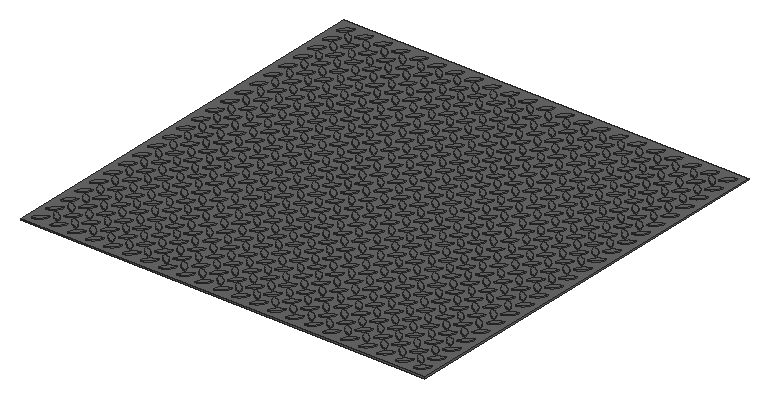
Revit family "141012021113804", category Modelos genéricos, Revit 2018 (continued)
Automatic sketch dimensions
  Blend 570 sketch curve to Blend 570 sketch curve = 0.855 mm  (x2)
  Blend 570 sketch curve to Blend 570 sketch curve = 0.00 mm  (x6)
  Blend 571 sketch curve to Blend 571 sketch curve = 23.647 mm  (x6)
  Blend 571 sketch curve to Blend 571 sketch curve = 16.459 mm  (x6)
  Blend 571 sketch curve to Blend 571 sketch curve = 0.855 mm  (x2)
  Blend 571 sketch curve to Blend 571 sketch curve = 0.00 mm  (x6)
  Blend 572 sketch curve to Blend 572 sketch curve = 23.647 mm  (x6)
  Blend 572 sketch curve to Blend 572 sketch curve = 16.459 mm  (x6)
  Blend 572 sketch curve to Blend 572 sketch curve = 0.855 mm  (x2)
  Blend 572 sketch curve to Blend 572 sketch curve = 0.00 mm  (x6)
  Blend 573 sketch curve to Blend 573 sketch curve = 23.647 mm  (x6)
  Blend 573 sketch curve to Blend 573 sketch curve = 16.459 mm  (x6)
  Blend 573 sketch curve to Blend 573 sketch curve = 0.855 mm  (x2)
  Blend 573 sketch curve to Blend 573 sketch curve = 0.00 mm  (x6)
  Blend 574 sketch curve to Blend 574 sketch curve = 23.647 mm  (x6)
  Blend 574 sketch curve to Blend 574 sketch curve = 16.459 mm  (x6)
  Blend 574 sketch curve to Blend 574 sketch curve = 0.855 mm  (x2)
  Blend 574 sketch curve to Blend 574 sketch curve = 0.00 mm  (x6)
  Blend 575 sketch curve to Blend 575 sketch curve = 23.647 mm  (x6)
  Blend 575 sketch curve to Blend 575 sketch curve = 16.459 mm  (x6)
  Blend 575 sketch curve to Blend 575 sketch curve = 0.855 mm  (x2)
  Blend 575 sketch curve to Blend 575 sketch curve = 0.00 mm  (x6)
  Blend 576 sketch curve to Blend 576 sketch curve = 23.647 mm  (x6)
  Blend 576 sketch curve to Blend 576 sketch curve = 16.459 mm  (x6)
  Blend 576 sketch curve to Blend 576 sketch curve = 0.855 mm  (x2)
  Blend 576 sketch curve to Blend 576 sketch curve = 0.00 mm  (x6)
  Blend 577 sketch curve to Blend 577 sketch curve = 23.647 mm  (x6)
  Blend 577 sketch curve to Blend 577 sketch curve = 16.459 mm  (x6)
  Blend 577 sketch curve to Blend 577 sketch curve = 0.855 mm  (x2)
  Blend 577 sketch curve to Blend 577 sketch curve = 0.00 mm  (x6)
  Blend 578 sketch curve to Blend 578 sketch curve = 23.647 mm  (x6)
  Blend 578 sketch curve to Blend 578 sketch curve = 16.459 mm  (x6)
  Blend 578 sketch curve to Blend 578 sketch curve = 0.855 mm  (x2)
  Blend 578 sketch curve to Blend 578 sketch curve = 0.00 mm  (x6)
  Blend 579 sketch curve to Blend 579 sketch curve = 23.647 mm  (x6)
  Blend 579 sketch curve to Blend 579 sketch curve = 16.459 mm  (x6)
  Blend 579 sketch curve to Blend 579 sketch curve = 0.855 mm  (x2)
  Blend 579 sketch curve to Blend 579 sketch curve = 0.00 mm  (x6)
  Blend 580 sketch curve to Blend 580 sketch curve = 23.647 mm  (x6)
  Blend 580 sketch curve to Blend 580 sketch curve = 16.459 mm  (x6)
  Blend 580 sketch curve to Blend 580 sketch curve = 0.855 mm  (x2)
  Blend 580 sketch curve to Blend 580 sketch curve = 0.00 mm  (x6)
  Blend 581 sketch curve to Blend 581 sketch curve = 23.647 mm  (x6)
  Blend 581 sketch curve to Blend 581 sketch curve = 16.459 mm  (x6)
  Blend 581 sketch curve to Blend 581 sketch curve = 0.855 mm  (x2)
  Blend 581 sketch curve to Blend 581 sketch curve = 0.00 mm  (x6)
  Blend 582 sketch curve to Blend 582 sketch curve = 23.647 mm  (x6)
  Blend 582 sketch curve to Blend 582 sketch curve = 16.459 mm  (x6)
  Blend 582 sketch curve to Blend 582 sketch curve = 0.855 mm  (x2)
  Blend 582 sketch curve to Blend 582 sketch curve = 0.00 mm  (x6)
  Blend 583 sketch curve to Blend 583 sketch curve = 23.647 mm  (x6)
  Blend 583 sketch curve to Blend 583 sketch curve = 16.459 mm  (x6)
  Blend 583 sketch curve to Blend 583 sketch curve = 0.855 mm  (x2)
  Blend 583 sketch curve to Blend 583 sketch curve = 0.00 mm  (x6)
  Blend 584 sketch curve to Blend 584 sketch curve = 23.647 mm  (x6)
  Blend 584 sketch curve to Blend 584 sketch curve = 16.459 mm  (x6)
  Blend 584 sketch curve to Blend 584 sketch curve = 0.855 mm  (x2)
  Blend 584 sketch curve to Blend 584 sketch curve = 0.00 mm  (x6)
  Blend 585 sketch curve to Blend 585 sketch curve = 23.647 mm  (x6)
  Blend 585 sketch curve to Blend 585 sketch curve = 16.459 mm  (x6)
  Blend 585 sketch curve to Blend 585 sketch curve = 0.855 mm  (x2)
  Blend 585 sketch curve to Blend 585 sketch curve = 0.00 mm  (x6)
  Blend 586 sketch curve to Blend 586 sketch curve = 23.647 mm  (x6)
  Blend 586 sketch curve to Blend 586 sketch curve = 16.459 mm  (x6)
  Blend 586 sketch curve to Blend 586 sketch curve = 0.855 mm  (x2)
  Blend 586 sketch curve to Blend 586 sketch curve = 0.00 mm  (x6)
  Blend 587 sketch curve to Blend 587 sketch curve = 23.647 mm  (x6)
  Blend 587 sketch curve to Blend 587 sketch curve = 16.459 mm  (x6)
  Blend 587 sketch curve to Blend 587 sketch curve = 0.855 mm  (x2)
  Blend 587 sketch curve to Blend 587 sketch curve = 0.00 mm  (x6)
  Blend 588 sketch curve to Blend 588 sketch curve = 23.647 mm  (x6)
  Blend 588 sketch curve to Blend 588 sketch curve = 16.459 mm  (x6)
  Blend 588 sketch curve to Blend 588 sketch curve = 0.855 mm  (x2)
  Blend 588 sketch curve to Blend 588 sketch curve = 0.00 mm  (x6)
  Blend 589 sketch curve to Blend 589 sketch curve = 23.647 mm  (x6)
  Blend 589 sketch curve to Blend 589 sketch curve = 16.459 mm  (x6)
  Blend 589 sketch curve to Blend 589 sketch curve = 0.855 mm  (x2)
  Blend 589 sketch curve to Blend 589 sketch curve = 0.00 mm  (x6)
  Blend 590 sketch curve to Blend 590 sketch curve = 23.647 mm  (x6)
  Blend 590 sketch curve to Blend 590 sketch curve = 16.459 mm  (x6)
  Blend 590 sketch curve to Blend 590 sketch curve = 0.855 mm  (x2)
  Blend 590 sketch curve to Blend 590 sketch curve = 0.00 mm  (x6)
  Blend 591 sketch curve to Blend 591 sketch curve = 23.647 mm  (x6)
  Blend 591 sketch curve to Blend 591 sketch curve = 16.459 mm  (x6)
  Blend 591 sketch curve to Blend 591 sketch curve = 0.855 mm  (x2)
  Blend 591 sketch curve to Blend 591 sketch curve = 0.00 mm  (x6)
  Blend 592 sketch curve to Blend 592 sketch curve = 23.647 mm  (x6)
  Blend 592 sketch curve to Blend 592 sketch curve = 16.459 mm  (x6)
  Blend 592 sketch curve to Blend 592 sketch curve = 0.855 mm  (x2)
  Blend 592 sketch curve to Blend 592 sketch curve = 0.00 mm  (x6)
  Blend 593 sketch curve to Blend 593 sketch curve = 23.647 mm  (x6)
  Blend 593 sketch curve to Blend 593 sketch curve = 16.459 mm  (x6)
  Blend 593 sketch curve to Blend 593 sketch curve = 0.855 mm  (x2)
  Blend 593 sketch curve to Blend 593 sketch curve = 0.00 mm  (x6)
  Blend 594 sketch curve to Blend 594 sketch curve = 23.647 mm  (x6)
  Blend 594 sketch curve to Blend 594 sketch curve = 16.459 mm  (x6)
  Blend 594 sketch curve to Blend 594 sketch curve = 0.855 mm  (x2)
  Blend 594 sketch curve to Blend 594 sketch curve = 0.00 mm  (x6)
  Blend 595 sketch curve to Blend 595 sketch curve = 23.647 mm  (x6)
  Blend 595 sketch curve to Blend 595 sketch curve = 16.459 mm  (x6)
  Blend 595 sketch curve to Blend 595 sketch curve = 0.855 mm  (x2)
  Blend 595 sketch curve to Blend 595 sketch curve = 0.00 mm  (x6)
  Blend 596 sketch curve to Blend 596 sketch curve = 23.647 mm  (x6)
  Blend 596 sketch curve to Blend 596 sketch curve = 16.459 mm  (x6)
  Blend 596 sketch curve to Blend 596 sketch curve = 0.855 mm  (x2)
  Blend 596 sketch curve to Blend 596 sketch curve = 0.00 mm  (x6)
  Blend 597 sketch curve to Blend 597 sketch curve = 23.647 mm  (x6)
  Blend 597 sketch curve to Blend 597 sketch curve = 16.459 mm  (x6)
  Blend 597 sketch curve to Blend 597 sketch curve = 0.855 mm  (x2)
  Blend 597 sketch curve to Blend 597 sketch curve = 0.00 mm  (x6)
  Blend 598 sketch curve to Blend 598 sketch curve = 23.647 mm  (x6)
  Blend 598 sketch curve to Blend 598 sketch curve = 16.459 mm  (x6)
  Blend 598 sketch curve to Blend 598 sketch curve = 0.855 mm  (x2)
  Blend 598 sketch curve to Blend 598 sketch curve = 0.00 mm  (x6)
  Blend 599 sketch curve to Blend 599 sketch curve = 23.647 mm  (x6)
  Blend 599 sketch curve to Blend 599 sketch curve = 16.459 mm  (x6)
  Blend 599 sketch curve to Blend 599 sketch curve = 0.855 mm  (x2)
  Blend 599 sketch curve to Blend 599 sketch curve = 0.00 mm  (x6)
  Blend 600 sketch curve to Blend 600 sketch curve = 23.647 mm  (x6)
  Blend 600 sketch curve to Blend 600 sketch curve = 16.459 mm  (x6)
  Blend 600 sketch curve to Blend 600 sketch curve = 0.855 mm  (x2)
  Blend 600 sketch curve to Blend 600 sketch curve = 0.00 mm  (x6)
  Blend 601 sketch curve to Blend 601 sketch curve = 23.647 mm  (x6)
  Blend 601 sketch curve to Blend 601 sketch curve = 16.459 mm  (x6)
  Blend 601 sketch curve to Blend 601 sketch curve = 0.855 mm  (x2)
  Blend 601 sketch curve to Blend 601 sketch curve = 0.00 mm  (x6)
  Blend 602 sketch curve to Blend 602 sketch curve = 23.647 mm  (x6)
  Blend 602 sketch curve to Blend 602 sketch curve = 16.459 mm  (x6)
  Blend 602 sketch curve to Blend 602 sketch curve = 0.855 mm  (x2)
  Blend 602 sketch curve to Blend 602 sketch curve = 0.00 mm  (x6)
  Blend 603 sketch curve to Blend 603 sketch curve = 23.647 mm  (x6)
  Blend 603 sketch curve to Blend 603 sketch curve = 16.459 mm  (x6)
  Blend 603 sketch curve to Blend 603 sketch curve = 0.855 mm  (x2)
  Blend 603 sketch curve to Blend 603 sketch curve = 0.00 mm  (x6)
  Blend 604 sketch curve to Blend 604 sketch curve = 23.647 mm  (x6)
  Blend 604 sketch curve to Blend 604 sketch curve = 16.459 mm  (x6)
  Blend 604 sketch curve to Blend 604 sketch curve = 0.855 mm  (x2)
  Blend 604 sketch curve to Blend 604 sketch curve = 0.00 mm  (x6)
  Blend 605 sketch curve to Blend 605 sketch curve = 23.647 mm  (x6)
  Blend 605 sketch curve to Blend 605 sketch curve = 16.459 mm  (x6)
  Blend 605 sketch curve to Blend 605 sketch curve = 0.855 mm  (x2)
  Blend 605 sketch curve to Blend 605 sketch curve = 0.00 mm  (x6)
  Blend 606 sketch curve to Blend 606 sketch curve = 23.647 mm  (x6)
  Blend 606 sketch curve to Blend 606 sketch curve = 16.459 mm  (x6)
  Blend 606 sketch curve to Blend 606 sketch curve = 0.855 mm  (x2)
  Blend 606 sketch curve to Blend 606 sketch curve = 0.00 mm  (x6)
  Blend 607 sketch curve to Blend 607 sketch curve = 23.647 mm  (x6)
  Blend 607 sketch curve to Blend 607 sketch curve = 16.459 mm  (x6)
  Blend 607 sketch curve to Blend 607 sketch curve = 0.855 mm  (x2)
  Blend 607 sketch curve to Blend 607 sketch curve = 0.00 mm  (x6)
  Blend 608 sketch curve to Blend 608 sketch curve = 23.647 mm  (x6)
  Blend 608 sketch curve to Blend 608 sketch curve = 16.459 mm  (x6)
  Blend 608 sketch curve to Blend 608 sketch curve = 0.855 mm  (x2)
  Blend 608 sketch curve to Blend 608 sketch curve = 0.00 mm  (x6)
  Blend 609 sketch curve to Blend 609 sketch curve = 23.647 mm  (x6)
  Blend 609 sketch curve to Blend 609 sketch curve = 16.459 mm  (x6)
  Blend 609 sketch curve to Blend 609 sketch curve = 0.855 mm  (x2)
  Blend 609 sketch curve to Blend 609 sketch curve = 0.00 mm  (x6)
  Blend 610 sketch curve to Blend 610 sketch curve = 23.647 mm  (x6)
  Blend 610 sketch curve to Blend 610 sketch curve = 16.459 mm  (x6)
  Blend 610 sketch curve to Blend 610 sketch curve = 0.855 mm  (x2)
  Blend 610 sketch curve to Blend 610 sketch curve = 0.00 mm  (x6)
  Blend 611 sketch curve to Blend 611 sketch curve = 23.647 mm  (x6)
  Blend 611 sketch curve to Blend 611 sketch curve = 16.459 mm  (x6)
  Blend 611 sketch curve to Blend 611 sketch curve = 0.855 mm  (x2)
  Blend 611 sketch curve to Blend 611 sketch curve = 0.00 mm  (x6)
  Blend 612 sketch curve to Blend 612 sketch curve = 23.647 mm  (x6)
  Blend 612 sketch curve to Blend 612 sketch curve = 16.459 mm  (x6)
  Blend 612 sketch curve to Blend 612 sketch curve = 0.855 mm  (x2)
  Blend 612 sketch curve to Blend 612 sketch curve = 0.00 mm  (x6)
  Blend 613 sketch curve to Blend 613 sketch curve = 23.647 mm  (x6)
  Blend 613 sketch curve to Blend 613 sketch curve = 16.459 mm  (x6)
  Blend 613 sketch curve to Blend 613 sketch curve = 0.855 mm  (x2)
  Blend 613 sketch curve to Blend 613 sketch curve = 0.00 mm  (x6)
  Blend 614 sketch curve to Blend 614 sketch curve = 23.647 mm  (x6)
  Blend 614 sketch curve to Blend 614 sketch curve = 16.459 mm  (x6)
  Blend 614 sketch curve to Blend 614 sketch curve = 0.855 mm  (x2)
  Blend 614 sketch curve to Blend 614 sketch curve = 0.00 mm  (x6)
  Blend 615 sketch curve to Blend 615 sketch curve = 23.647 mm  (x6)
  Blend 615 sketch curve to Blend 615 sketch curve = 16.459 mm  (x6)
  Blend 615 sketch curve to Blend 615 sketch curve = 0.855 mm  (x2)
  Blend 615 sketch curve to Blend 615 sketch curve = 0.00 mm  (x6)
  Blend 616 sketch curve to Blend 616 sketch curve = 23.647 mm  (x6)
  Blend 616 sketch curve to Blend 616 sketch curve = 16.459 mm  (x6)
  Blend 616 sketch curve to Blend 616 sketch curve = 0.855 mm  (x2)
  Blend 616 sketch curve to Blend 616 sketch curve = 0.00 mm  (x6)
  Blend 617 sketch curve to Blend 617 sketch curve = 23.647 mm  (x6)
  Blend 617 sketch curve to Blend 617 sketch curve = 16.459 mm  (x6)
  Blend 617 sketch curve to Blend 617 sketch curve = 0.855 mm  (x2)
  Blend 617 sketch curve to Blend 617 sketch curve = 0.00 mm  (x6)
  Blend 618 sketch curve to Blend 618 sketch curve = 23.647 mm  (x6)
  Blend 618 sketch curve to Blend 618 sketch curve = 16.459 mm  (x6)
  Blend 618 sketch curve to Blend 618 sketch curve = 0.855 mm  (x2)
  Blend 618 sketch curve to Blend 618 sketch curve = 0.00 mm  (x6)
  Blend 619 sketch curve to Blend 619 sketch curve = 23.647 mm  (x6)
  Blend 619 sketch curve to Blend 619 sketch curve = 16.459 mm  (x6)
  Blend 619 sketch curve to Blend 619 sketch curve = 0.855 mm  (x2)
  Blend 619 sketch curve to Blend 619 sketch curve = 0.00 mm  (x6)
  Blend 620 sketch curve to Blend 620 sketch curve = 23.647 mm  (x6)
  Blend 620 sketch curve to Blend 620 sketch curve = 16.459 mm  (x6)
  Blend 620 sketch curve to Blend 620 sketch curve = 0.855 mm  (x2)
  Blend 620 sketch curve to Blend 620 sketch curve = 0.00 mm  (x6)
  Blend 621 sketch curve to Blend 621 sketch curve = 23.647 mm  (x6)
  Blend 621 sketch curve to Blend 621 sketch curve = 16.459 mm  (x6)
  Blend 621 sketch curve to Blend 621 sketch curve = 0.855 mm  (x2)
  Blend 621 sketch curve to Blend 621 sketch curve = 0.00 mm  (x6)
  Blend 622 sketch curve to Blend 622 sketch curve = 23.647 mm  (x6)
  Blend 622 sketch curve to Blend 622 sketch curve = 16.459 mm  (x6)
  Blend 622 sketch curve to Blend 622 sketch curve = 0.855 mm  (x2)
  Blend 622 sketch curve to Blend 622 sketch curve = 0.00 mm  (x6)
  Blend 623 sketch curve to Blend 623 sketch curve = 23.647 mm  (x6)
  Blend 623 sketch curve to Blend 623 sketch curve = 16.459 mm  (x6)
  Blend 623 sketch curve to Blend 623 sketch curve = 0.855 mm  (x2)
  Blend 623 sketch curve to Blend 623 sketch curve = 0.00 mm  (x6)
  Blend 624 sketch curve to Blend 624 sketch curve = 23.647 mm  (x6)
  Blend 624 sketch curve to Blend 624 sketch curve = 16.459 mm  (x6)
  Blend 624 sketch curve to Blend 624 sketch curve = 0.855 mm  (x2)
  Blend 624 sketch curve to Blend 624 sketch curve = 0.00 mm  (x6)
  Blend 625 sketch curve to Blend 625 sketch curve = 23.647 mm  (x6)
  Blend 625 sketch curve to Blend 625 sketch curve = 16.459 mm  (x6)
  Blend 625 sketch curve to Blend 625 sketch curve = 0.855 mm  (x2)
  Blend 625 sketch curve to Blend 625 sketch curve = 0.00 mm  (x6)
  Blend 626 sketch curve to Blend 626 sketch curve = 23.647 mm  (x6)
  Blend 626 sketch curve to Blend 626 sketch curve = 16.459 mm  (x6)
  Blend 626 sketch curve to Blend 626 sketch curve = 0.855 mm  (x2)
  Blend 626 sketch curve to Blend 626 sketch curve = 0.00 mm  (x6)
  Blend 627 sketch curve to Blend 627 sketch curve = 23.647 mm  (x6)
  Blend 627 sketch curve to Blend 627 sketch curve = 16.459 mm  (x6)
  Blend 627 sketch curve to Blend 627 sketch curve = 0.855 mm  (x2)
  Blend 627 sketch curve to Blend 627 sketch curve = 0.00 mm  (x6)
  Blend 628 sketch curve to Blend 628 sketch curve = 23.647 mm  (x6)
  Blend 628 sketch curve to Blend 628 sketch curve = 16.459 mm  (x6)
  Blend 628 sketch curve to Blend 628 sketch curve = 0.855 mm  (x2)
  Blend 628 sketch curve to Blend 628 sketch curve = 0.00 mm  (x6)
  Blend 629 sketch curve to Blend 629 sketch curve = 23.647 mm  (x6)
  Blend 629 sketch curve to Blend 629 sketch curve = 16.459 mm  (x6)
  Blend 629 sketch curve to Blend 629 sketch curve = 0.855 mm  (x2)
  Blend 629 sketch curve to Blend 629 sketch curve = 0.00 mm  (x6)
  Blend 630 sketch curve to Blend 630 sketch curve = 23.647 mm  (x6)
  Blend 630 sketch curve to Blend 630 sketch curve = 16.459 mm  (x6)
  Blend 630 sketch curve to Blend 630 sketch curve = 0.855 mm  (x2)
  Blend 630 sketch curve to Blend 630 sketch curve = 0.00 mm  (x6)
  Blend 631 sketch curve to Blend 631 sketch curve = 23.647 mm  (x6)
  Blend 631 sketch curve to Blend 631 sketch curve = 16.459 mm  (x6)
  Blend 631 sketch curve to Blend 631 sketch curve = 0.855 mm  (x2)
  Blend 631 sketch curve to Blend 631 sketch curve = 0.00 mm  (x6)
  Blend 632 sketch curve to Blend 632 sketch curve = 23.647 mm  (x6)
  Blend 632 sketch curve to Blend 632 sketch curve = 16.459 mm  (x6)
  Blend 632 sketch curve to Blend 632 sketch curve = 0.855 mm  (x2)
  Blend 632 sketch curve to Blend 632 sketch curve = 0.00 mm  (x6)
  Blend 633 sketch curve to Blend 633 sketch curve = 23.647 mm  (x6)
  Blend 633 sketch curve to Blend 633 sketch curve = 16.459 mm  (x6)
  Blend 633 sketch curve to Blend 633 sketch curve = 0.855 mm  (x2)
  Blend 633 sketch curve to Blend 633 sketch curve = 0.00 mm  (x6)
  Blend 634 sketch curve to Blend 634 sketch curve = 23.647 mm  (x6)
  Blend 634 sketch curve to Blend 634 sketch curve = 16.459 mm  (x6)
  Blend 634 sketch curve to Blend 634 sketch curve = 0.855 mm  (x2)
  Blend 634 sketch curve to Blend 634 sketch curve = 0.00 mm  (x6)
  Blend 635 sketch curve to Blend 635 sketch curve = 23.647 mm  (x6)
  Blend 635 sketch curve to Blend 635 sketch curve = 16.459 mm  (x6)
  Blend 635 sketch curve to Blend 635 sketch curve = 0.855 mm  (x2)
  Blend 635 sketch curve to Blend 635 sketch curve = 0.00 mm  (x6)
  Blend 636 sketch curve to Blend 636 sketch curve = 23.647 mm  (x6)
  Blend 636 sketch curve to Blend 636 sketch curve = 16.459 mm  (x6)
  Blend 636 sketch curve to Blend 636 sketch curve = 0.855 mm  (x2)
  Blend 636 sketch curve to Blend 636 sketch curve = 0.00 mm  (x6)
  Blend 637 sketch curve to Blend 637 sketch curve = 23.647 mm  (x6)
  Blend 637 sketch curve to Blend 637 sketch curve = 16.459 mm  (x6)
  Blend 637 sketch curve to Blend 637 sketch curve = 0.855 mm  (x2)
  Blend 637 sketch curve to Blend 637 sketch curve = 0.00 mm  (x6)
  Blend 638 sketch curve to Blend 638 sketch curve = 23.647 mm  (x6)
  Blend 638 sketch curve to Blend 638 sketch curve = 16.459 mm  (x6)
  Blend 638 sketch curve to Blend 638 sketch curve = 0.855 mm  (x2)
  Blend 638 sketch curve to Blend 638 sketch curve = 0.00 mm  (x6)
  Blend 639 sketch curve to Blend 639 sketch curve = 23.647 mm  (x6)
  Blend 639 sketch curve to Blend 639 sketch curve = 16.459 mm  (x6)
  Blend 639 sketch curve to Blend 639 sketch curve = 0.855 mm  (x2)
  Blend 639 sketch curve to Blend 639 sketch curve = 0.00 mm  (x6)
  Blend 640 sketch curve to Blend 640 sketch curve = 23.647 mm  (x6)
  Blend 640 sketch curve to Blend 640 sketch curve = 16.459 mm  (x6)
  Blend 640 sketch curve to Blend 640 sketch curve = 0.855 mm  (x2)
  Blend 640 sketch curve to Blend 640 sketch curve = 0.00 mm  (x6)
  Blend 641 sketch curve to Blend 641 sketch curve = 23.647 mm  (x6)
  Blend 641 sketch curve to Blend 641 sketch curve = 16.459 mm  (x6)
  Blend 641 sketch curve to Blend 641 sketch curve = 0.855 mm  (x2)
  Blend 641 sketch curve to Blend 641 sketch curve = 0.00 mm  (x6)
  Blend 642 sketch curve to Blend 642 sketch curve = 23.647 mm  (x6)
  Blend 642 sketch curve to Blend 642 sketch curve = 16.459 mm  (x6)
  Blend 642 sketch curve to Blend 642 sketch curve = 0.855 mm  (x2)
  Blend 642 sketch curve to Blend 642 sketch curve = 0.00 mm  (x6)
  Blend 643 sketch curve to Blend 643 sketch curve = 23.647 mm  (x6)
  Blend 643 sketch curve to Blend 643 sketch curve = 16.459 mm  (x6)
  Blend 643 sketch curve to Blend 643 sketch curve = 0.855 mm  (x2)
  Blend 643 sketch curve to Blend 643 sketch curve = 0.00 mm  (x6)
  Blend 644 sketch curve to Blend 644 sketch curve = 23.647 mm  (x6)
  Blend 644 sketch curve to Blend 644 sketch curve = 16.459 mm  (x6)
  Blend 644 sketch curve to Blend 644 sketch curve = 0.855 mm  (x2)
  Blend 644 sketch curve to Blend 644 sketch curve = 0.00 mm  (x6)
  Blend 645 sketch curve to Blend 645 sketch curve = 23.647 mm  (x6)
  Blend 645 sketch curve to Blend 645 sketch curve = 16.459 mm  (x6)
  Blend 645 sketch curve to Blend 645 sketch curve = 0.855 mm  (x2)
  Blend 645 sketch curve to Blend 645 sketch curve = 0.00 mm  (x6)
  Blend 646 sketch curve to Blend 646 sketch curve = 23.647 mm  (x6)
  Blend 646 sketch curve to Blend 646 sketch curve = 16.459 mm  (x6)
  Blend 646 sketch curve to Blend 646 sketch curve = 0.855 mm  (x2)
  Blend 646 sketch curve to Blend 646 sketch curve = 0.00 mm  (x6)
  Blend 647 sketch curve to Blend 647 sketch curve = 23.647 mm  (x6)
  Blend 647 sketch curve to Blend 647 sketch curve = 16.459 mm  (x6)
  Blend 647 sketch curve to Blend 647 sketch curve = 0.855 mm  (x2)
  Blend 647 sketch curve to Blend 647 sketch curve = 0.00 mm  (x6)
  Blend 648 sketch curve to Blend 648 sketch curve = 23.647 mm  (x6)
  Blend 648 sketch curve to Blend 648 sketch curve = 16.459 mm  (x6)
  Blend 648 sketch curve to Blend 648 sketch curve = 0.855 mm  (x2)
  Blend 648 sketch curve to Blend 648 sketch curve = 0.00 mm  (x6)
  Blend 649 sketch curve to Blend 649 sketch curve = 23.647 mm  (x6)
  Blend 649 sketch curve to Blend 649 sketch curve = 16.459 mm  (x6)
  Blend 649 sketch curve to Blend 649 sketch curve = 0.855 mm  (x2)
  Blend 649 sketch curve to Blend 649 sketch curve = 0.00 mm  (x6)
  Blend 650 sketch curve to Blend 650 sketch curve = 23.647 mm  (x6)
  Blend 650 sketch curve to Blend 650 sketch curve = 16.459 mm  (x6)
  Blend 650 sketch curve to Blend 650 sketch curve = 0.855 mm  (x2)
  Blend 650 sketch curve to Blend 650 sketch curve = 0.00 mm  (x6)
  Blend 651 sketch curve to Blend 651 sketch curve = 23.647 mm  (x6)
  Blend 651 sketch curve to Blend 651 sketch curve = 16.459 mm  (x6)
  Blend 651 sketch curve to Blend 651 sketch curve = 0.855 mm  (x2)
  Blend 651 sketch curve to Blend 651 sketch curve = 0.00 mm  (x6)
  Blend 652 sketch curve to Blend 652 sketch curve = 23.647 mm  (x6)
  Blend 652 sketch curve to Blend 652 sketch curve = 16.459 mm  (x6)
  Blend 652 sketch curve to Blend 652 sketch curve = 0.855 mm  (x2)
  Blend 652 sketch curve to Blend 652 sketch curve = 0.00 mm  (x6)
  Blend 653 sketch curve to Blend 653 sketch curve = 23.647 mm  (x6)
  Blend 653 sketch curve to Blend 653 sketch curve = 16.459 mm  (x6)
  Blend 653 sketch curve to Blend 653 sketch curve = 0.855 mm  (x2)
  Blend 653 sketch curve to Blend 653 sketch curve = 0.00 mm  (x6)
  Blend 654 sketch curve to Blend 654 sketch curve = 23.647 mm  (x6)
  Blend 654 sketch curve to Blend 654 sketch curve = 16.459 mm  (x6)
  Blend 654 sketch curve to Blend 654 sketch curve = 0.855 mm  (x2)
  Blend 654 sketch curve to Blend 654 sketch curve = 0.00 mm  (x6)
  Blend 655 sketch curve to Blend 655 sketch curve = 23.647 mm  (x6)
  Blend 655 sketch curve to Blend 655 sketch curve = 16.459 mm  (x6)
  Blend 655 sketch curve to Blend 655 sketch curve = 0.855 mm  (x2)
  Blend 655 sketch curve to Blend 655 sketch curve = 0.00 mm  (x6)
  Blend 656 sketch curve to Blend 656 sketch curve = 23.647 mm  (x6)
  Blend 656 sketch curve to Blend 656 sketch curve = 16.459 mm  (x6)
  Blend 656 sketch curve to Blend 656 sketch curve = 0.855 mm  (x2)
  Blend 656 sketch curve to Blend 656 sketch curve = 0.00 mm  (x6)
  Blend 657 sketch curve to Blend 657 sketch curve = 23.647 mm  (x6)
  Blend 657 sketch curve to Blend 657 sketch curve = 16.459 mm  (x6)
  Blend 657 sketch curve to Blend 657 sketch curve = 0.855 mm  (x2)
  Blend 657 sketch curve to Blend 657 sketch curve = 0.00 mm  (x6)
  Blend 658 sketch curve to Blend 658 sketch curve = 23.647 mm  (x6)
  Blend 658 sketch curve to Blend 658 sketch curve = 16.459 mm  (x6)
  Blend 658 sketch curve to Blend 658 sketch curve = 0.855 mm  (x2)
  Blend 658 sketch curve to Blend 658 sketch curve = 0.00 mm  (x6)
  Blend 659 sketch curve to Blend 659 sketch curve = 23.647 mm  (x6)
  Blend 659 sketch curve to Blend 659 sketch curve = 16.459 mm  (x6)
  Blend 659 sketch curve to Blend 659 sketch curve = 0.855 mm  (x2)
  Blend 659 sketch curve to Blend 659 sketch curve = 0.00 mm  (x6)
  Blend 660 sketch curve to Blend 660 sketch curve = 23.647 mm  (x6)
  Blend 660 sketch curve to Blend 660 sketch curve = 16.459 mm  (x6)
  Blend 660 sketch curve to Blend 660 sketch curve = 0.855 mm  (x2)
  Blend 660 sketch curve to Blend 660 sketch curve = 0.00 mm  (x6)
  Blend 661 sketch curve to Blend 661 sketch curve = 23.647 mm  (x6)
  Blend 661 sketch curve to Blend 661 sketch curve = 16.459 mm  (x6)
  Blend 661 sketch curve to Blend 661 sketch curve = 0.855 mm  (x2)
  Blend 661 sketch curve to Blend 661 sketch curve = 0.00 mm  (x6)
  Blend 662 sketch curve to Blend 662 sketch curve = 23.647 mm  (x6)
  Blend 662 sketch curve to Blend 662 sketch curve = 16.459 mm  (x6)
  Blend 662 sketch curve to Blend 662 sketch curve = 0.855 mm  (x2)
  Blend 662 sketch curve to Blend 662 sketch curve = 0.00 mm  (x6)
  Blend 663 sketch curve to Blend 663 sketch curve = 23.647 mm  (x6)
  Blend 663 sketch curve to Blend 663 sketch curve = 16.459 mm  (x6)
  Blend 663 sketch curve to Blend 663 sketch curve = 0.855 mm  (x2)
  Blend 663 sketch curve to Blend 663 sketch curve = 0.00 mm  (x6)
  Blend 664 sketch curve to Blend 664 sketch curve = 23.647 mm  (x6)
  Blend 664 sketch curve to Blend 664 sketch curve = 16.459 mm  (x6)
  Blend 664 sketch curve to Blend 664 sketch curve = 0.855 mm  (x2)
  Blend 664 sketch curve to Blend 664 sketch curve = 0.00 mm  (x6)
  Blend 665 sketch curve to Blend 665 sketch curve = 23.647 mm  (x6)
  Blend 665 sketch curve to Blend 665 sketch curve = 16.459 mm  (x6)
  Blend 665 sketch curve to Blend 665 sketch curve = 0.855 mm  (x2)
  Blend 665 sketch curve to Blend 665 sketch curve = 0.00 mm  (x6)
  Blend 666 sketch curve to Blend 666 sketch curve = 23.647 mm  (x6)
  Blend 666 sketch curve to Blend 666 sketch curve = 16.459 mm  (x6)
  Blend 666 sketch curve to Blend 666 sketch curve = 0.855 mm  (x2)
  Blend 666 sketch curve to Blend 666 sketch curve = 0.00 mm  (x6)
  Blend 667 sketch curve to Blend 667 sketch curve = 23.647 mm  (x6)
  Blend 667 sketch curve to Blend 667 sketch curve = 16.459 mm  (x6)
  Blend 667 sketch curve to Blend 667 sketch curve = 0.855 mm  (x2)
  Blend 667 sketch curve to Blend 667 sketch curve = 0.00 mm  (x6)
  Blend 668 sketch curve to Blend 668 sketch curve = 23.647 mm  (x6)
  Blend 668 sketch curve to Blend 668 sketch curve = 16.459 mm  (x6)
  Blend 668 sketch curve to Blend 668 sketch curve = 0.855 mm  (x2)
  Blend 668 sketch curve to Blend 668 sketch curve = 0.00 mm  (x6)
  Blend 669 sketch curve to Blend 669 sketch curve = 23.647 mm  (x6)
  Blend 669 sketch curve to Blend 669 sketch curve = 16.459 mm  (x6)
  Blend 669 sketch curve to Blend 669 sketch curve = 0.855 mm  (x2)
  Blend 669 sketch curve to Blend 669 sketch curve = 0.00 mm  (x6)
  Blend 670 sketch curve to Blend 670 sketch curve = 23.647 mm  (x6)
  Blend 670 sketch curve to Blend 670 sketch curve = 16.459 mm  (x6)
  Blend 670 sketch curve to Blend 670 sketch curve = 0.855 mm  (x2)
  Blend 670 sketch curve to Blend 670 sketch curve = 0.00 mm  (x6)
  Blend 671 sketch curve to Blend 671 sketch curve = 23.647 mm  (x6)
  Blend 671 sketch curve to Blend 671 sketch curve = 16.459 mm  (x6)
  Blend 671 sketch curve to Blend 671 sketch curve = 0.855 mm  (x2)
  Blend 671 sketch curve to Blend 671 sketch curve = 0.00 mm  (x6)
  Blend 672 sketch curve to Blend 672 sketch curve = 23.647 mm  (x6)
  Blend 672 sketch curve to Blend 672 sketch curve = 16.459 mm  (x6)
  Blend 672 sketch curve to Blend 672 sketch curve = 0.855 mm  (x2)
  Blend 672 sketch curve to Blend 672 sketch curve = 0.00 mm  (x6)
  Blend 673 sketch curve to Blend 673 sketch curve = 23.647 mm  (x6)
  Blend 673 sketch curve to Blend 673 sketch curve = 16.459 mm  (x6)
  Blend 673 sketch curve to Blend 673 sketch curve = 0.855 mm  (x2)
  Blend 673 sketch curve to Blend 673 sketch curve = 0.00 mm  (x6)
  Blend 674 sketch curve to Blend 674 sketch curve = 23.647 mm  (x6)
  Blend 674 sketch curve to Blend 674 sketch curve = 16.459 mm  (x6)
  Blend 674 sketch curve to Blend 674 sketch curve = 0.855 mm  (x2)
  Blend 674 sketch curve to Blend 674 sketch curve = 0.00 mm  (x6)
  Blend 675 sketch curve to Blend 675 sketch curve = 23.647 mm  (x6)
  Blend 675 sketch curve to Blend 675 sketch curve = 16.459 mm  (x6)
  Blend 675 sketch curve to Blend 675 sketch curve = 0.855 mm  (x2)
  Blend 675 sketch curve to Blend 675 sketch curve = 0.00 mm  (x6)
  Blend 676 sketch curve to Blend 676 sketch curve = 23.647 mm  (x6)
  Blend 676 sketch curve to Blend 676 sketch curve = 16.459 mm  (x6)
  Blend 676 sketch curve to Blend 676 sketch curve = 0.855 mm  (x2)
  Blend 676 sketch curve to Blend 676 sketch curve = 0.00 mm  (x6)
  Blend 677 sketch curve to Blend 677 sketch curve = 23.647 mm  (x6)
  Blend 677 sketch curve to Blend 677 sketch curve = 16.459 mm  (x6)
  Blend 677 sketch curve to Blend 677 sketch curve = 0.855 mm  (x2)
  Blend 677 sketch curve to Blend 677 sketch curve = 0.00 mm  (x6)
  Blend 678 sketch curve to Blend 678 sketch curve = 23.647 mm  (x6)
  Blend 678 sketch curve to Blend 678 sketch curve = 16.459 mm  (x6)
  Blend 678 sketch curve to Blend 678 sketch curve = 0.855 mm  (x2)
  Blend 678 sketch curve to Blend 678 sketch curve = 0.00 mm  (x6)
  Blend 679 sketch curve to Blend 679 sketch curve = 23.647 mm  (x6)
  Blend 679 sketch curve to Blend 679 sketch curve = 16.459 mm  (x6)
  Blend 679 sketch curve to Blend 679 sketch curve = 0.855 mm  (x2)
  Blend 679 sketch curve to Blend 679 sketch curve = 0.00 mm  (x6)
  Blend 680 sketch curve to Blend 680 sketch curve = 23.647 mm  (x6)
  Blend 680 sketch curve to Blend 680 sketch curve = 16.459 mm  (x6)
  Blend 680 sketch curve to Blend 680 sketch curve = 0.855 mm  (x2)
  Blend 680 sketch curve to Blend 680 sketch curve = 0.00 mm  (x6)
  Blend 681 sketch curve to Blend 681 sketch curve = 23.647 mm  (x6)
  Blend 681 sketch curve to Blend 681 sketch curve = 16.459 mm  (x6)
  Blend 681 sketch curve to Blend 681 sketch curve = 0.855 mm  (x2)
  Blend 681 sketch curve to Blend 681 sketch curve = 0.00 mm  (x6)
  Blend 682 sketch curve to Blend 682 sketch curve = 23.647 mm  (x6)
  Blend 682 sketch curve to Blend 682 sketch curve = 16.459 mm  (x6)
  Blend 682 sketch curve to Blend 682 sketch curve = 0.855 mm  (x2)
  Blend 682 sketch curve to Blend 682 sketch curve = 0.00 mm  (x6)
  Blend 683 sketch curve to Blend 683 sketch curve = 23.647 mm  (x6)
  Blend 683 sketch curve to Blend 683 sketch curve = 16.459 mm  (x6)
  Blend 683 sketch curve to Blend 683 sketch curve = 0.855 mm  (x2)
  Blend 683 sketch curve to Blend 683 sketch curve = 0.00 mm  (x6)
  Blend 684 sketch curve to Blend 684 sketch curve = 23.647 mm  (x6)
  Blend 684 sketch curve to Blend 684 sketch curve = 16.459 mm  (x6)
  Blend 684 sketch curve to Blend 684 sketch curve = 0.855 mm  (x2)
  Blend 684 sketch curve to Blend 684 sketch curve = 0.00 mm  (x6)
  Blend 685 sketch curve to Blend 685 sketch curve = 23.647 mm  (x6)
  Blend 685 sketch curve to Blend 685 sketch curve = 16.459 mm  (x6)
  Blend 685 sketch curve to Blend 685 sketch curve = 0.855 mm  (x2)
  Blend 685 sketch curve to Blend 685 sketch curve = 0.00 mm  (x6)
  Blend 686 sketch curve to Blend 686 sketch curve = 23.647 mm  (x6)
  Blend 686 sketch curve to Blend 686 sketch curve = 16.459 mm  (x6)
  Blend 686 sketch curve to Blend 686 sketch curve = 0.855 mm  (x2)
  Blend 686 sketch curve to Blend 686 sketch curve = 0.00 mm  (x6)
  Blend 687 sketch curve to Blend 687 sketch curve = 23.647 mm  (x6)
  Blend 687 sketch curve to Blend 687 sketch curve = 16.459 mm  (x6)
  Blend 687 sketch curve to Blend 687 sketch curve = 0.855 mm  (x2)
  Blend 687 sketch curve to Blend 687 sketch curve = 0.00 mm  (x6)
  Blend 688 sketch curve to Blend 688 sketch curve = 23.647 mm  (x6)
  Blend 688 sketch curve to Blend 688 sketch curve = 16.459 mm  (x6)
  Blend 688 sketch curve to Blend 688 sketch curve = 0.855 mm  (x2)
  Blend 688 sketch curve to Blend 688 sketch curve = 0.00 mm  (x6)
  Blend 689 sketch curve to Blend 689 sketch curve = 23.647 mm  (x6)
  Blend 689 sketch curve to Blend 689 sketch curve = 16.459 mm  (x6)
  Blend 689 sketch curve to Blend 689 sketch curve = 0.855 mm  (x2)
  Blend 689 sketch curve to Blend 689 sketch curve = 0.00 mm  (x6)
  Blend 690 sketch curve to Blend 690 sketch curve = 23.647 mm  (x6)
  Blend 690 sketch curve to Blend 690 sketch curve = 16.459 mm  (x6)
  Blend 690 sketch curve to Blend 690 sketch curve = 0.855 mm  (x2)
  Blend 690 sketch curve to Blend 690 sketch curve = 0.00 mm  (x6)
  Blend 691 sketch curve to Blend 691 sketch curve = 23.647 mm  (x6)
  Blend 691 sketch curve to Blend 691 sketch curve = 16.459 mm  (x6)
  Blend 691 sketch curve to Blend 691 sketch curve = 0.855 mm  (x2)
  Blend 691 sketch curve to Blend 691 sketch curve = 0.00 mm  (x6)
  Blend 692 sketch curve to Blend 692 sketch curve = 23.647 mm  (x6)
  Blend 692 sketch curve to Blend 692 sketch curve = 16.459 mm  (x6)
  Blend 692 sketch curve to Blend 692 sketch curve = 0.855 mm  (x2)
  Blend 692 sketch curve to Blend 692 sketch curve = 0.00 mm  (x6)
  Blend 693 sketch curve to Blend 693 sketch curve = 23.647 mm  (x6)
  Blend 693 sketch curve to Blend 693 sketch curve = 16.459 mm  (x6)
  Blend 693 sketch curve to Blend 693 sketch curve = 0.855 mm  (x2)
  Blend 693 sketch curve to Blend 693 sketch curve = 0.00 mm  (x6)
  Blend 694 sketch curve to Blend 694 sketch curve = 23.647 mm  (x6)
  Blend 694 sketch curve to Blend 694 sketch curve = 16.459 mm  (x6)
  Blend 694 sketch curve to Blend 694 sketch curve = 0.855 mm  (x2)
  Blend 694 sketch curve to Blend 694 sketch curve = 0.00 mm  (x6)
  Blend 695 sketch curve to Blend 695 sketch curve = 23.647 mm  (x6)
  Blend 695 sketch curve to Blend 695 sketch curve = 16.459 mm  (x6)
  Blend 695 sketch curve to Blend 695 sketch curve = 0.855 mm  (x2)
  Blend 695 sketch curve to Blend 695 sketch curve = 0.00 mm  (x6)
  Blend 696 sketch curve to Blend 696 sketch curve = 23.647 mm  (x6)
  Blend 696 sketch curve to Blend 696 sketch curve = 16.459 mm  (x6)
  Blend 696 sketch curve to Blend 696 sketch curve = 0.855 mm  (x2)
  Blend 696 sketch curve to Blend 696 sketch curve = 0.00 mm  (x6)
  Blend 697 sketch curve to Blend 697 sketch curve = 23.647 mm  (x6)
  Blend 697 sketch curve to Blend 697 sketch curve = 16.459 mm  (x6)
  Blend 697 sketch curve to Blend 697 sketch curve = 0.855 mm  (x2)
  Blend 697 sketch curve to Blend 697 sketch curve = 0.00 mm  (x6)
  Blend 698 sketch curve to Blend 698 sketch curve = 23.647 mm  (x6)
  Blend 698 sketch curve to Blend 698 sketch curve = 16.459 mm  (x6)
  Blend 698 sketch curve to Blend 698 sketch curve = 0.855 mm  (x2)
  Blend 698 sketch curve to Blend 698 sketch curve = 0.00 mm  (x6)
  Blend 699 sketch curve to Blend 699 sketch curve = 23.647 mm  (x6)
  Blend 699 sketch curve to Blend 699 sketch curve = 16.459 mm  (x6)
  Blend 699 sketch curve to Blend 699 sketch curve = 0.855 mm  (x2)
  Blend 699 sketch curve to Blend 699 sketch curve = 0.00 mm  (x6)
  Blend 700 sketch curve to Blend 700 sketch curve = 23.647 mm  (x6)
  Blend 700 sketch curve to Blend 700 sketch curve = 16.459 mm  (x6)
  Blend 700 sketch curve to Blend 700 sketch curve = 0.855 mm  (x2)
  Blend 700 sketch curve to Blend 700 sketch curve = 0.00 mm  (x6)
  Blend 701 sketch curve to Blend 701 sketch curve = 23.647 mm  (x6)
  Blend 701 sketch curve to Blend 701 sketch curve = 16.459 mm  (x6)
  Blend 701 sketch curve to Blend 701 sketch curve = 0.855 mm  (x2)
  Blend 701 sketch curve to Blend 701 sketch curve = 0.00 mm  (x6)
  Blend 702 sketch curve to Blend 702 sketch curve = 23.647 mm  (x6)
  Blend 702 sketch curve to Blend 702 sketch curve = 16.459 mm  (x6)
  Blend 702 sketch curve to Blend 702 sketch curve = 0.855 mm  (x2)
  Blend 702 sketch curve to Blend 702 sketch curve = 0.00 mm  (x6)
  Blend 703 sketch curve to Blend 703 sketch curve = 23.647 mm  (x6)
  Blend 703 sketch curve to Blend 703 sketch curve = 16.459 mm  (x6)
  Blend 703 sketch curve to Blend 703 sketch curve = 0.855 mm  (x2)
  Blend 703 sketch curve to Blend 703 sketch curve = 0.00 mm  (x6)
  Blend 704 sketch curve to Blend 704 sketch curve = 23.647 mm  (x6)
  Blend 704 sketch curve to Blend 704 sketch curve = 16.459 mm  (x6)
  Blend 704 sketch curve to Blend 704 sketch curve = 0.855 mm  (x2)
  Blend 704 sketch curve to Blend 704 sketch curve = 0.00 mm  (x6)
  Blend 705 sketch curve to Blend 705 sketch curve = 23.647 mm  (x6)
  Blend 705 sketch curve to Blend 705 sketch curve = 16.459 mm  (x6)
  Blend 705 sketch curve to Blend 705 sketch curve = 0.855 mm  (x2)
  Blend 705 sketch curve to Blend 705 sketch curve = 0.00 mm  (x6)
  Blend 706 sketch curve to Blend 706 sketch curve = 23.647 mm  (x6)
  Blend 706 sketch curve to Blend 706 sketch curve = 16.459 mm  (x6)
  Blend 706 sketch curve to Blend 706 sketch curve = 0.855 mm  (x2)
  Blend 706 sketch curve to Blend 706 sketch curve = 0.00 mm  (x6)
  Blend 707 sketch curve to Blend 707 sketch curve = 23.647 mm  (x6)
  Blend 707 sketch curve to Blend 707 sketch curve = 16.459 mm  (x6)
  Blend 707 sketch curve to Blend 707 sketch curve = 0.855 mm  (x2)
  Blend 707 sketch curve to Blend 707 sketch curve = 0.00 mm  (x6)
  Blend 708 sketch curve to Blend 708 sketch curve = 23.647 mm  (x6)
  Blend 708 sketch curve to Blend 708 sketch curve = 16.459 mm  (x6)
  Blend 708 sketch curve to Blend 708 sketch curve = 0.855 mm  (x2)
  Blend 708 sketch curve to Blend 708 sketch curve = 0.00 mm  (x6)
  Blend 709 sketch curve to Blend 709 sketch curve = 23.647 mm  (x6)
  Blend 709 sketch curve to Blend 709 sketch curve = 16.459 mm  (x6)
  Blend 709 sketch curve to Blend 709 sketch curve = 0.855 mm  (x2)
  Blend 709 sketch curve to Blend 709 sketch curve = 0.00 mm  (x6)
  Blend 710 sketch curve to Blend 710 sketch curve = 23.647 mm  (x6)
  Blend 710 sketch curve to Blend 710 sketch curve = 16.459 mm  (x6)
  Blend 710 sketch curve to Blend 710 sketch curve = 0.855 mm  (x2)
  Blend 710 sketch curve to Blend 710 sketch curve = 0.00 mm  (x6)
  Blend 711 sketch curve to Blend 711 sketch curve = 23.647 mm  (x6)
  Blend 711 sketch curve to Blend 711 sketch curve = 16.459 mm  (x6)
  Blend 711 sketch curve to Blend 711 sketch curve = 0.855 mm  (x2)
  Blend 711 sketch curve to Blend 711 sketch curve = 0.00 mm  (x6)
  Blend 712 sketch curve to Blend 712 sketch curve = 23.647 mm  (x6)
  Blend 712 sketch curve to Blend 712 sketch curve = 16.459 mm  (x6)
  Blend 712 sketch curve to Blend 712 sketch curve = 0.855 mm  (x2)
  Blend 712 sketch curve to Blend 712 sketch curve = 0.00 mm  (x6)
  Blend 713 sketch curve to Blend 713 sketch curve = 23.647 mm  (x6)
  Blend 713 sketch curve to Blend 713 sketch curve = 16.459 mm  (x6)
  Blend 713 sketch curve to Blend 713 sketch curve = 0.855 mm  (x2)
  Blend 713 sketch curve to Blend 713 sketch curve = 0.00 mm  (x6)
  Blend 714 sketch curve to Blend 714 sketch curve = 23.647 mm  (x6)
  Blend 714 sketch curve to Blend 714 sketch curve = 16.459 mm  (x6)
  Blend 714 sketch curve to Blend 714 sketch curve = 0.855 mm  (x2)
  Blend 714 sketch curve to Blend 714 sketch curve = 0.00 mm  (x6)
  Blend 715 sketch curve to Blend 715 sketch curve = 23.647 mm  (x6)
  Blend 715 sketch curve to Blend 715 sketch curve = 16.459 mm  (x6)
  Blend 715 sketch curve to Blend 715 sketch curve = 0.855 mm  (x2)
  Blend 715 sketch curve to Blend 715 sketch curve = 0.00 mm  (x6)
  Blend 716 sketch curve to Blend 716 sketch curve = 23.647 mm  (x6)
  Blend 716 sketch curve to Blend 716 sketch curve = 16.459 mm  (x6)
  Blend 716 sketch curve to Blend 716 sketch curve = 0.855 mm  (x2)
  Blend 716 sketch curve to Blend 716 sketch curve = 0.00 mm  (x6)
  Blend 717 sketch curve to Blend 717 sketch curve = 23.647 mm  (x6)
  Blend 717 sketch curve to Blend 717 sketch curve = 16.459 mm  (x6)
  Blend 717 sketch curve to Blend 717 sketch curve = 0.855 mm  (x2)
  Blend 717 sketch curve to Blend 717 sketch curve = 0.00 mm  (x6)
  Blend 718 sketch curve to Blend 718 sketch curve = 23.647 mm  (x6)
  Blend 718 sketch curve to Blend 718 sketch curve = 16.459 mm  (x6)
  Blend 718 sketch curve to Blend 718 sketch curve = 0.855 mm  (x2)
  Blend 718 sketch curve to Blend 718 sketch curve = 0.00 mm  (x6)
  Blend 719 sketch curve to Blend 719 sketch curve = 23.647 mm  (x6)
  Blend 719 sketch curve to Blend 719 sketch curve = 16.459 mm  (x6)
  Blend 719 sketch curve to Blend 719 sketch curve = 0.855 mm  (x2)
  Blend 719 sketch curve to Blend 719 sketch curve = 0.00 mm  (x6)
  Blend 720 sketch curve to Blend 720 sketch curve = 23.647 mm  (x6)
  Blend 720 sketch curve to Blend 720 sketch curve = 16.459 mm  (x6)
  Blend 720 sketch curve to Blend 720 sketch curve = 0.855 mm  (x2)
  Blend 720 sketch curve to Blend 720 sketch curve = 0.00 mm  (x6)
  Blend 721 sketch curve to Blend 721 sketch curve = 23.647 mm  (x6)
  Blend 721 sketch curve to Blend 721 sketch curve = 16.459 mm  (x6)
  Blend 721 sketch curve to Blend 721 sketch curve = 0.855 mm  (x2)
  Blend 721 sketch curve to Blend 721 sketch curve = 0.00 mm  (x6)
  Blend 722 sketch curve to Blend 722 sketch curve = 23.647 mm  (x6)
  Blend 722 sketch curve to Blend 722 sketch curve = 16.459 mm  (x6)
  Blend 722 sketch curve to Blend 722 sketch curve = 0.855 mm  (x2)
  Blend 722 sketch curve to Blend 722 sketch curve = 0.00 mm  (x6)
  Blend 723 sketch curve to Blend 723 sketch curve = 23.647 mm  (x6)
  Blend 723 sketch curve to Blend 723 sketch curve = 16.459 mm  (x6)
  Blend 723 sketch curve to Blend 723 sketch curve = 0.855 mm  (x2)
  Blend 723 sketch curve to Blend 723 sketch curve = 0.00 mm  (x6)
  Blend 724 sketch curve to Blend 724 sketch curve = 23.647 mm  (x6)
  Blend 724 sketch curve to Blend 724 sketch curve = 16.459 mm  (x6)
  Blend 724 sketch curve to Blend 724 sketch curve = 0.855 mm  (x2)
  Blend 724 sketch curve to Blend 724 sketch curve = 0.00 mm  (x6)
  Blend 725 sketch curve to Blend 725 sketch curve = 23.647 mm  (x6)
  Blend 725 sketch curve to Blend 725 sketch curve = 16.459 mm  (x6)
  Blend 725 sketch curve to Blend 725 sketch curve = 0.855 mm  (x2)
  Blend 725 sketch curve to Blend 725 sketch curve = 0.00 mm  (x6)
  Blend 726 sketch curve to Blend 726 sketch curve = 23.647 mm  (x6)
  Blend 726 sketch curve to Blend 726 sketch curve = 16.459 mm  (x6)
  Blend 726 sketch curve to Blend 726 sketch curve = 0.855 mm  (x2)
  Blend 726 sketch curve to Blend 726 sketch curve = 0.00 mm  (x6)
  Blend 727 sketch curve to Blend 727 sketch curve = 23.647 mm  (x6)
  Blend 727 sketch curve to Blend 727 sketch curve = 16.459 mm  (x6)
  Blend 727 sketch curve to Blend 727 sketch curve = 0.855 mm  (x2)
  Blend 727 sketch curve to Blend 727 sketch curve = 0.00 mm  (x6)
  Blend 728 sketch curve to Blend 728 sketch curve = 23.647 mm  (x6)
  Blend 728 sketch curve to Blend 728 sketch curve = 16.459 mm  (x6)
  Blend 728 sketch curve to Blend 728 sketch curve = 0.855 mm  (x2)
  Blend 728 sketch curve to Blend 728 sketch curve = 0.00 mm  (x6)
  Blend 729 sketch curve to Blend 729 sketch curve = 23.647 mm  (x6)
  Blend 729 sketch curve to Blend 729 sketch curve = 16.459 mm  (x6)
  Blend 729 sketch curve to Blend 729 sketch curve = 0.855 mm  (x2)
  Blend 729 sketch curve to Blend 729 sketch curve = 0.00 mm  (x6)
  Blend 730 sketch curve to Blend 730 sketch curve = 23.647 mm  (x6)
  Blend 730 sketch curve to Blend 730 sketch curve = 16.459 mm  (x6)
  Blend 730 sketch curve to Blend 730 sketch curve = 0.855 mm  (x2)
  Blend 730 sketch curve to Blend 730 sketch curve = 0.00 mm  (x6)
  Blend 731 sketch curve to Blend 731 sketch curve = 23.647 mm  (x6)
  Blend 731 sketch curve to Blend 731 sketch curve = 16.459 mm  (x6)
  Blend 731 sketch curve to Blend 731 sketch curve = 0.855 mm  (x2)
  Blend 731 sketch curve to Blend 731 sketch curve = 0.00 mm  (x6)
  Blend 732 sketch curve to Blend 732 sketch curve = 23.647 mm  (x6)
  Blend 732 sketch curve to Blend 732 sketch curve = 16.459 mm  (x6)
  Blend 732 sketch curve to Blend 732 sketch curve = 0.855 mm  (x2)
  Blend 732 sketch curve to Blend 732 sketch curve = 0.00 mm  (x6)
  Blend 733 sketch curve to Blend 733 sketch curve = 23.647 mm  (x6)
  Blend 733 sketch curve to Blend 733 sketch curve = 16.459 mm  (x6)
  Blend 733 sketch curve to Blend 733 sketch curve = 0.855 mm  (x2)
  Blend 733 sketch curve to Blend 733 sketch curve = 0.00 mm  (x6)
  Blend 734 sketch curve to Blend 734 sketch curve = 23.647 mm  (x6)
  Blend 734 sketch curve to Blend 734 sketch curve = 16.459 mm  (x6)
  Blend 734 sketch curve to Blend 734 sketch curve = 0.855 mm  (x2)
  Blend 734 sketch curve to Blend 734 sketch curve = 0.00 mm  (x6)
  Blend 735 sketch curve to Blend 735 sketch curve = 23.647 mm  (x6)
  Blend 735 sketch curve to Blend 735 sketch curve = 16.459 mm  (x6)
  Blend 735 sketch curve to Blend 735 sketch curve = 0.855 mm  (x2)
  Blend 735 sketch curve to Blend 735 sketch curve = 0.00 mm  (x6)
  Blend 736 sketch curve to Blend 736 sketch curve = 23.647 mm  (x6)
  Blend 736 sketch curve to Blend 736 sketch curve = 16.459 mm  (x6)
  Blend 736 sketch curve to Blend 736 sketch curve = 0.855 mm  (x2)
  Blend 736 sketch curve to Blend 736 sketch curve = 0.00 mm  (x6)
  Blend 737 sketch curve to Blend 737 sketch curve = 23.647 mm  (x6)
  Blend 737 sketch curve to Blend 737 sketch curve = 16.459 mm  (x6)
  Blend 737 sketch curve to Blend 737 sketch curve = 0.855 mm  (x2)
  Blend 737 sketch curve to Blend 737 sketch curve = 0.00 mm  (x6)
  Blend 738 sketch curve to Blend 738 sketch curve = 23.647 mm  (x6)
  Blend 738 sketch curve to Blend 738 sketch curve = 16.459 mm  (x6)
  Blend 738 sketch curve to Blend 738 sketch curve = 0.855 mm  (x2)
  Blend 738 sketch curve to Blend 738 sketch curve = 0.00 mm  (x6)
  Blend 739 sketch curve to Blend 739 sketch curve = 23.647 mm  (x6)
  Blend 739 sketch curve to Blend 739 sketch curve = 16.459 mm  (x6)
  Blend 739 sketch curve to Blend 739 sketch curve = 0.855 mm  (x2)
  Blend 739 sketch curve to Blend 739 sketch curve = 0.00 mm  (x6)
  Blend 740 sketch curve to Blend 740 sketch curve = 23.647 mm  (x6)
  Blend 740 sketch curve to Blend 740 sketch curve = 16.459 mm  (x6)
  Blend 740 sketch curve to Blend 740 sketch curve = 0.855 mm  (x2)
  Blend 740 sketch curve to Blend 740 sketch curve = 0.00 mm  (x6)
  Blend 741 sketch curve to Blend 741 sketch curve = 23.647 mm  (x6)
  Blend 741 sketch curve to Blend 741 sketch curve = 16.459 mm  (x6)
  Blend 741 sketch curve to Blend 741 sketch curve = 0.855 mm  (x2)
  Blend 741 sketch curve to Blend 741 sketch curve = 0.00 mm  (x6)
  Blend 742 sketch curve to Blend 742 sketch curve = 23.647 mm  (x6)
  Blend 742 sketch curve to Blend 742 sketch curve = 16.459 mm  (x6)
  Blend 742 sketch curve to Blend 742 sketch curve = 0.855 mm  (x2)
  Blend 742 sketch curve to Blend 742 sketch curve = 0.00 mm  (x6)
  Blend 743 sketch curve to Blend 743 sketch curve = 23.647 mm  (x6)
  Blend 743 sketch curve to Blend 743 sketch curve = 16.459 mm  (x6)
  Blend 743 sketch curve to Blend 743 sketch curve = 0.855 mm  (x2)
  Blend 743 sketch curve to Blend 743 sketch curve = 0.00 mm  (x6)
  Blend 744 sketch curve to Blend 744 sketch curve = 23.647 mm  (x6)
  Blend 744 sketch curve to Blend 744 sketch curve = 16.459 mm  (x6)
  Blend 744 sketch curve to Blend 744 sketch curve = 0.855 mm  (x2)
  Blend 744 sketch curve to Blend 744 sketch curve = 0.00 mm  (x6)
  Blend 745 sketch curve to Blend 745 sketch curve = 23.647 mm  (x6)
  Blend 745 sketch curve to Blend 745 sketch curve = 16.459 mm  (x6)
  Blend 745 sketch curve to Blend 745 sketch curve = 0.855 mm  (x2)
  Blend 745 sketch curve to Blend 745 sketch curve = 0.00 mm  (x6)
  Blend 746 sketch curve to Blend 746 sketch curve = 23.647 mm  (x6)
  Blend 746 sketch curve to Blend 746 sketch curve = 16.459 mm  (x6)
  Blend 746 sketch curve to Blend 746 sketch curve = 0.855 mm  (x2)
  Blend 746 sketch curve to Blend 746 sketch curve = 0.00 mm  (x6)
  Blend 747 sketch curve to Blend 747 sketch curve = 23.647 mm  (x6)
  Blend 747 sketch curve to Blend 747 sketch curve = 16.459 mm  (x6)
  Blend 747 sketch curve to Blend 747 sketch curve = 0.855 mm  (x2)
  Blend 747 sketch curve to Blend 747 sketch curve = 0.00 mm  (x6)
  Blend 748 sketch curve to Blend 748 sketch curve = 23.647 mm  (x6)
  Blend 748 sketch curve to Blend 748 sketch curve = 16.459 mm  (x6)
  Blend 748 sketch curve to Blend 748 sketch curve = 0.855 mm  (x2)
  Blend 748 sketch curve to Blend 748 sketch curve = 0.00 mm  (x6)
  Blend 749 sketch curve to Blend 749 sketch curve = 23.647 mm  (x6)
  Blend 749 sketch curve to Blend 749 sketch curve = 16.459 mm  (x6)
  Blend 749 sketch curve to Blend 749 sketch curve = 0.855 mm  (x2)
  Blend 749 sketch curve to Blend 749 sketch curve = 0.00 mm  (x6)
  Blend 750 sketch curve to Blend 750 sketch curve = 23.647 mm  (x6)
  Blend 750 sketch curve to Blend 750 sketch curve = 16.459 mm  (x6)
  Blend 750 sketch curve to Blend 750 sketch curve = 0.855 mm  (x2)
  Blend 750 sketch curve to Blend 750 sketch curve = 0.00 mm  (x6)
  Blend 751 sketch curve to Blend 751 sketch curve = 23.647 mm  (x6)
  Blend 751 sketch curve to Blend 751 sketch curve = 16.459 mm  (x6)
  Blend 751 sketch curve to Blend 751 sketch curve = 0.855 mm  (x2)
  Blend 751 sketch curve to Blend 751 sketch curve = 0.00 mm  (x6)
  Blend 752 sketch curve to Blend 752 sketch curve = 23.647 mm  (x6)
  Blend 752 sketch curve to Blend 752 sketch curve = 16.459 mm  (x6)
  Blend 752 sketch curve to Blend 752 sketch curve = 0.855 mm  (x2)
  Blend 752 sketch curve to Blend 752 sketch curve = 0.00 mm  (x6)
  Blend 753 sketch curve to Blend 753 sketch curve = 23.647 mm  (x6)
  Blend 753 sketch curve to Blend 753 sketch curve = 16.459 mm  (x6)
  Blend 753 sketch curve to Blend 753 sketch curve = 0.855 mm  (x2)
  Blend 753 sketch curve to Blend 753 sketch curve = 0.00 mm  (x6)
  Blend 754 sketch curve to Blend 754 sketch curve = 23.647 mm  (x6)
  Blend 754 sketch curve to Blend 754 sketch curve = 16.459 mm  (x6)
  Blend 754 sketch curve to Blend 754 sketch curve = 0.855 mm  (x2)
  Blend 754 sketch curve to Blend 754 sketch curve = 0.00 mm  (x6)
  Blend 755 sketch curve to Blend 755 sketch curve = 23.647 mm  (x6)
  Blend 755 sketch curve to Blend 755 sketch curve = 16.459 mm  (x6)
  Blend 755 sketch curve to Blend 755 sketch curve = 0.855 mm  (x2)
  Blend 755 sketch curve to Blend 755 sketch curve = 0.00 mm  (x6)
  Blend 756 sketch curve to Blend 756 sketch curve = 23.647 mm  (x6)
  Blend 756 sketch curve to Blend 756 sketch curve = 16.459 mm  (x6)
  Blend 756 sketch curve to Blend 756 sketch curve = 0.855 mm  (x2)
  Blend 756 sketch curve to Blend 756 sketch curve = 0.00 mm  (x6)
  Blend 757 sketch curve to Blend 757 sketch curve = 23.647 mm  (x6)
  Blend 757 sketch curve to Blend 757 sketch curve = 16.459 mm  (x6)
  Blend 757 sketch curve to Blend 757 sketch curve = 0.855 mm  (x2)
  Blend 757 sketch curve to Blend 757 sketch curve = 0.00 mm  (x6)
  Blend 758 sketch curve to Blend 758 sketch curve = 23.647 mm  (x6)
  Blend 758 sketch curve to Blend 758 sketch curve = 16.459 mm  (x6)
  Blend 758 sketch curve to Blend 758 sketch curve = 0.855 mm  (x2)
  Blend 758 sketch curve to Blend 758 sketch curve = 0.00 mm  (x6)
  Blend 759 sketch curve to Blend 759 sketch curve = 23.647 mm  (x6)
  Blend 759 sketch curve to Blend 759 sketch curve = 16.459 mm  (x6)
  Blend 759 sketch curve to Blend 759 sketch curve = 0.855 mm  (x2)
  Blend 759 sketch curve to Blend 759 sketch curve = 0.00 mm  (x6)
  Blend 760 sketch curve to Blend 760 sketch curve = 23.647 mm  (x6)
  Blend 760 sketch curve to Blend 760 sketch curve = 16.459 mm  (x6)
  Blend 760 sketch curve to Blend 760 sketch curve = 0.855 mm  (x2)
  Blend 760 sketch curve to Blend 760 sketch curve = 0.00 mm  (x6)
  Blend 761 sketch curve to Blend 761 sketch curve = 23.647 mm  (x6)
  Blend 761 sketch curve to Blend 761 sketch curve = 16.459 mm  (x6)
  Blend 761 sketch curve to Blend 761 sketch curve = 0.855 mm  (x2)
  Blend 761 sketch curve to Blend 761 sketch curve = 0.00 mm  (x6)
  Blend 762 sketch curve to Blend 762 sketch curve = 23.647 mm  (x6)
  Blend 762 sketch curve to Blend 762 sketch curve = 16.459 mm  (x6)
  Blend 762 sketch curve to Blend 762 sketch curve = 0.855 mm  (x2)
  Blend 762 sketch curve to Blend 762 sketch curve = 0.00 mm  (x6)
  Blend 763 sketch curve to Blend 763 sketch curve = 23.647 mm  (x6)
  Blend 763 sketch curve to Blend 763 sketch curve = 16.459 mm  (x6)
  Blend 763 sketch curve to Blend 763 sketch curve = 0.855 mm  (x2)
  Blend 763 sketch curve to Blend 763 sketch curve = 0.00 mm  (x6)
  Blend 764 sketch curve to Blend 764 sketch curve = 23.647 mm  (x6)
  Blend 764 sketch curve to Blend 764 sketch curve = 16.459 mm  (x6)
  Blend 764 sketch curve to Blend 764 sketch curve = 0.855 mm  (x2)
  Blend 764 sketch curve to Blend 764 sketch curve = 0.00 mm  (x6)
  Blend 765 sketch curve to Blend 765 sketch curve = 23.647 mm  (x6)
  Blend 765 sketch curve to Blend 765 sketch curve = 16.459 mm  (x6)
  Blend 765 sketch curve to Blend 765 sketch curve = 0.855 mm  (x2)
  Blend 765 sketch curve to Blend 765 sketch curve = 0.00 mm  (x6)
  Blend 766 sketch curve to Blend 766 sketch curve = 23.647 mm  (x6)
  Blend 766 sketch curve to Blend 766 sketch curve = 16.459 mm  (x6)
  Blend 766 sketch curve to Blend 766 sketch curve = 0.855 mm  (x2)
  Blend 766 sketch curve to Blend 766 sketch curve = 0.00 mm  (x6)
  Blend 767 sketch curve to Blend 767 sketch curve = 23.647 mm  (x6)
  Blend 767 sketch curve to Blend 767 sketch curve = 16.459 mm  (x6)
  Blend 767 sketch curve to Blend 767 sketch curve = 0.855 mm  (x2)
  Blend 767 sketch curve to Blend 767 sketch curve = 0.00 mm  (x6)
  Blend 768 sketch curve to Blend 768 sketch curve = 23.647 mm  (x6)
  Blend 768 sketch curve to Blend 768 sketch curve = 16.459 mm  (x6)
  Blend 768 sketch curve to Blend 768 sketch curve = 0.855 mm  (x2)
  Blend 768 sketch curve to Blend 768 sketch curve = 0.00 mm  (x6)
  Blend 769 sketch curve to Blend 769 sketch curve = 23.647 mm  (x6)
  Blend 769 sketch curve to Blend 769 sketch curve = 16.459 mm  (x6)
  Blend 769 sketch curve to Blend 769 sketch curve = 0.855 mm  (x2)
  Blend 769 sketch curve to Blend 769 sketch curve = 0.00 mm  (x6)
  Blend 770 sketch curve to Blend 770 sketch curve = 23.647 mm  (x6)
  Blend 770 sketch curve to Blend 770 sketch curve = 16.459 mm  (x6)
  Blend 770 sketch curve to Blend 770 sketch curve = 0.855 mm  (x2)
  Blend 770 sketch curve to Blend 770 sketch curve = 0.00 mm  (x6)
  Blend 771 sketch curve to Blend 771 sketch curve = 23.647 mm  (x6)
  Blend 771 sketch curve to Blend 771 sketch curve = 16.459 mm  (x6)
  Blend 771 sketch curve to Blend 771 sketch curve = 0.855 mm  (x2)
  Blend 771 sketch curve to Blend 771 sketch curve = 0.00 mm  (x6)
  Blend 772 sketch curve to Blend 772 sketch curve = 23.647 mm  (x6)
  Blend 772 sketch curve to Blend 772 sketch curve = 16.459 mm  (x6)
